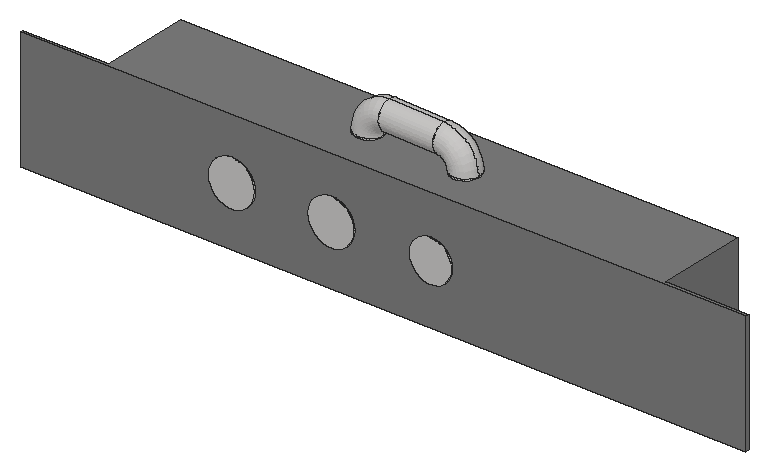
Revit family "2800V", category Generic Models, Revit 2012
Parameters
  e-mail = "info@vola.com"
  URL = "http://vola.com"
  Telephone = "+45 7023 5500"
  Quality management standard = ""
  Organisation no. / DUNS no. = "17531328"
  Occupational health and safety management standard = ""
  Mounting Instructions = ""
  Model = ""
  Materials and components information = ""
  Manufacturer = "VOLA A/S"
  Maintenance Instructions = ""
  Guarantee = ""
  Flow = ""
  Environmental management standard = ""
  Connection - All relevant connections = ""
  Approvals = ""
Reference planes
  plane 1 "Center (Front/Back)": y = 1.5
  plane 2: z = 0
  plane 3 "Center (Left/Right)": x = 0
  plane 4 "Front Plane": y = -72
  plane 5 "Inlet Center Plane": y = -25.7
  plane 6: z = 58.5
Forms (mm)
  Extrusion 1, solid, material "Default"
    sketch origin (0, 0, -10.5) x (1, 0, 0) y (0, 1, 0)
      loop
        line (-215.5, 1.5) -> (-215.5, -69) -> (220.5, -69) -> (220.5, 1.5) -> (-215.5, 1.5)
    from 21.5 to 116.5
  Extrusion 2, solid, material "Default"
    sketch origin (0, -1, -10.5) x (1, 0, 0) y (0, 1, 0)
      loop
        line (-283, -68) -> (-283, -70.5) -> (285.5, -70.5) -> (285.5, -68) -> (-283, -68)
    from 21.5 to 116.5
  Extrusion 3, solid, material "Stainless Steel"
    sketch origin (-27, -0.7, 11) x (0, 1, 0) y (1, 0, 0)
      loop
        circle (-25, -12) r 16.65
    from 0 to 11
  Extrusion 4, solid, material "Stainless Steel"
    sketch origin (-1.5, 0, -10.5) x (1, 0, 0) y (0, 0, 1)
      loop
        circle (40.5, 69) r 16.5
    from 71.5 to 72
  Extrusion 5, solid, material "Stainless Steel"
    sketch origin (1071.5, -2.5, 0.5) x (-1, 0, 0) y (0, 0, -1)
      loop
        circle (1110.5, -58) r 18
    from 69 to 69.5
  Sweep 6, solid, material "Stainless Steel"
    path origin (-1.469, -36.366, 0) x (-0.999186, 0.040352, 0) y (0, 0, 1)
      loop
        line (37.562, 106) -> (37.562, 107)
        arc (37.562, 107) -> (32.583, 119.021) -> (20.562, 124) r 17
        line (20.562, 124) -> (-23.502, 124)
        arc (-23.502, 124) -> (-35.522, 119.021) -> (-40.502, 107) r 17
        line (-40.502, 107) -> (-40.502, 106)
    profile origin (-39, -34.85, 106.5) x (0.999186, -0.040352, 0) y (0.040352, 0.999186, 0)
      loop
        circle (0, 0) r 11
  Extrusion 7, solid, material "Stainless Steel"
    sketch origin (-105, -0.7, 11) x (0, 1, 0) y (1, 0, 0)
      loop
        circle (-25, -12) r 16.65
    from 0 to 11
  Extrusion 8, solid, material "Stainless Steel"
    sketch origin (993.5, -2.5, 0.5) x (-1, 0, 0) y (0, 0, -1)
      loop
        circle (1110.5, -58) r 18
    from 69 to 69.5
Cuts and joins
  joined: Extrusion 1, Extrusion 2
Lines and regions (mm)
  reference lines
    curve 1: line (-39, -25.7, 58.5) -> (-39, -111.7, 58.5)
    curve 2: line (39, -25.7, 58.5) -> (39, -111.7, 58.5)
    curve 3: line (39, -25.7, 58.5) -> (39, -25.7, -40.5)
    curve 4: line (-39, -25.7, 58.5) -> (-39, -25.7, -40.5)
    curve 5: line (-117, -25.7, 58.5) -> (-117, -25.7, -40.5)
    curve 6: line (-117, -25.7, 58.5) -> (-117, -111.7, 58.5)
Dimensions and locks
  cut or joined group of Extrusion 1, Extrusion 2 to plane 5 "Inlet Center Plane" = 45.80 mm
  aligned and locked: plane 2 to level
  aligned and locked: plane 6 to curve 3
  aligned and locked: Extrusion 1 to Extrusion 2
  aligned and locked: Extrusion 2 to Extrusion 1
